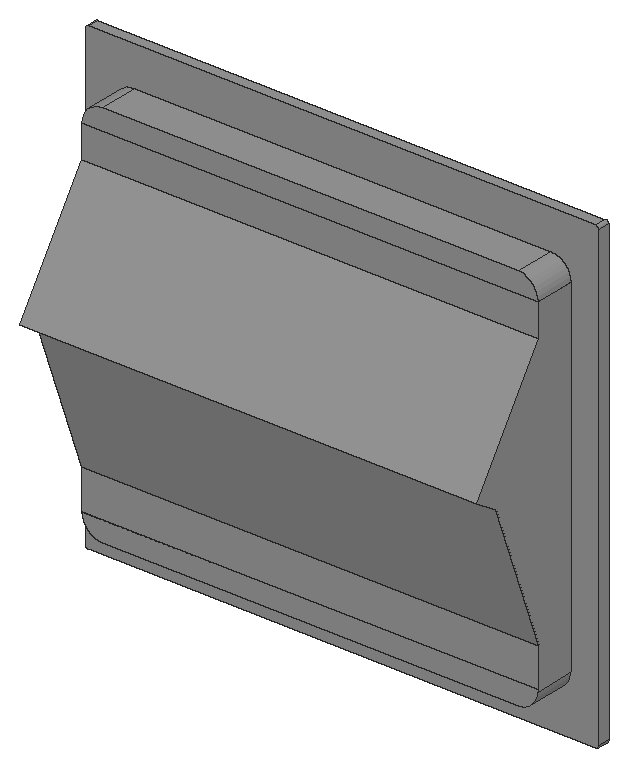
Revit family "L&L_LUCE&LIGHT_PASITO_1.1", category Lighting Fixtures, host Wall, Revit 2018 (continued)
Types (2, lengths in mm): name | built-in parameter 1150142 | Photometric Web File
    1 0.39 0.37 0.36 0.34 \r\n0.33 0.31 0.29 0.28 0.26 0.25 0.24 0.22 0.21 0.20 0.18 \r\n0.17 0.16 0.15 0.14 0.13 0.12 0.11 0.10 0.09 0.09 0.08 \r\n0.07 0.07 0.06 0.05 0.05 0.04 0.04 0.03 0.02 0.02 0.01 \r\n0.01 0.01 \r\n0.00 0.00 0.01 0.05 0.11 0.16 0.20 0.28 0.39 0.51 0.66 \r\n0.84 1.04 1.31 1.60 2.20 9.87 36.89 54.28 56.59 59.92 \r\n62.76 65.98 67.52 68.44 68.65 68.46 69.12 70.65 72.16 \r\n73.30 74.16 75.28 76.84 78.34 79.78 80.96 82.48 84.20 \r\n85.76 87.45 89.03 90.57 92.21 93.69 94.87 95.99 96.97 \r\n97.48 97.57 97.86 98.48 99.16 99.74 100.36 101.05 101.76 \r\n102.46 103.09 103.62 104.16 104.62 105.03 105.62 106.24 \r\n106.83 107.54 108.04 108.27 108.50 108.79 109.18 109.49 \r\n108.57 104.62 96.11 83.56 68.64 52.98 37.56 23.62 12.83 \r\n6.02 4.08 3.51 3.12 3.00 2.89 2.75 2.65 2.59 2.51 2.41 \r\n2.32 2.23 2.15 2.07 1.98 1.90 1.83 1.77 1.72 1.68 1.64 \r\n1.59 1.53 1.46 1.40 1.34 1.29 1.24 1.19 1.14 1.10 1.06 \r\n1.03 1.01 0.98 0.95 0.92 0.90 0.87 0.84 0.81 0.79 0.76 \r\n0.73 0.71 0.69 0.66 0.64 0.62 0.59 0.57 0.55 0.53 0.51 \r\n0.49 0.47 0.45 0.44 0.42 0.40 0.38 0.37 0.35 0.34 0.32 \r\n0.31 0.29 0.27 0.26 0.25 0.23 0.22 0.20 0.19 0.18 0.17 \r\n0.15 0.14 0.14 0.13 0.12 0.11 0.10 0.09 0.09 0.08 0.07 \r\n0.07 0.06 0.05 0.04 0.04 0.03 0.02 0.02 0.01 0.01 0.01 \r\n0.00 0.00 0.02 0.05 0.12 0.17 0.22 0.31 0.43 0.56 0.74 \r\n0.93 1.15 1.48 1.95 6.50 28.18 51.68 55.33 58.52 61.00 \r\n64.04 65.44 66.12 65.93 65.45 66.04 67.42 68.76 69.70 \r\n70.46 71.62 72.82 73.97 75.15 76.39 77.82 79.25 80.96 \r\n82.83 84.52 86.17 87.79 89.12 90.28 91.56 92.55 92.99 \r\n93.14 93.44 93.73 93.78 93.95 94.38 94.86 95.15 95.37 \r\n95.57 95.72 95.80 96.01 96.29 96.49 96.70 96.97 97.36 \r\n97.80 98.08 98.26 98.45 98.63 98.60 97.93 96.33 90.76 \r\n80.14 66.92 52.88 38.67 24.96 13.67 6.35 4.29 3.39 2.96 \r\n2.85 2.73 2.64 2.57 2.49 2.41 2.32 2.25 2.17 2.10 2.03 \r\n1.96 1.88 1.81 1.76 1.73 1.69 1.64 1.57 1.51 1.45 1.39 \r\n1.34 1.29 1.25 1.21 1.17 1.12 1.08 1.04 1.01 0.99 0.97 \r\n0.94 0.91 0.89 0.86 0.83 0.81 0.78 0.76 0.73 0.71 0.69 \r\n0.66 0.64 0.62 0.60 0.58 0.56 0.54 0.51 0.49 0.47 0.46 \r\n0.44 0.42 0.41 0.39 0.37 0.36 0.34 0.33 0.31 0.30 0.28 \r\n0.26 0.25 0.24 0.22 0.21 0.20 0.19 0.17 0.16 0.15 0.14 \r\n0.14 0.13 0.12 0.11 0.10 0.09 0.08 0.08 0.07 0.06 0.05 \r\n0.05 0.04 0.03 0.03 0.02 0.01 0.01 0.01 \r\n0.00 0.00 0.02 0.06 0.13 0.18 0.23 0.34 0.46 0.61 0.80 \r\n1.01 1.30 1.63 3.00 13.84 45.18 53.92 57.10 59.70 62.48 \r\n64.33 64.86 64.48 63.58 63.70 64.76 65.85 66.64 67.29 \r\n68.07 69.14 70.09 71.11 72.08 72.86 73.98 75.45 76.90 \r\n78.41 79.86 81.20 82.65 83.86 84.96 86.01 86.54 86.76 \r\n87.33 87.90 88.33 88.62 88.96 89.28 89.36 89.41 89.65 \r\n89.93 90.16 90.34 90.41 90.50 90.70 90.98 91.23 91.51 \r\n91.92 92.18 92.18 91.85 91.44 91.05 90.09 86.71 78.37 \r\n66.80 54.65 41.68 28.72 17.06 8.33 4.10 3.33 2.83 2.71 \r\n2.63 2.55 2.47 2.40 2.33 2.26 2.20 2.13 2.06 1.99 1.93 \r\n1.86 1.81 1.76 1.73 1.68 1.61 1.54 1.48 1.42 1.38 1.33 \r\n1.29 1.24 1.21 1.17 1.14 1.10 1.06 1.01 0.98 0.96 0.94 \r\n0.92 0.90 0.87 0.84 0.82 0.80 0.77 0.75 0.73 0.70 0.68 \r\n0.66 0.64 0.62 0.59 0.58 0.55 0.53 0.51 0.49 0.47 0.46 \r\n0.44 0.42 0.41 0.39 0.37 0.36 0.34 0.33 0.31 0.30 0.28 \r\n0.27 0.25 0.24 0.23 0.22 0.21 0.20 0.19 0.18 0.17 0.15 \r\n0.14 0.14 0.13 0.12 0.11 0.10 0.09 0.08 0.07 0.06 0.06 \r\n0.05 0.04 0.03 0.03 0.02 0.01 0.01 0.01 \r\n0.00 0.00 0.02 0.06 0.14 0.18 0.24 0.36 0.48 0.65 0.85 \r\n1.08 1.41 1.80 5.15 25.18 50.03 55.44 58.51 61.06 63.59 \r\n64.57 64.28 63.23 62.52 63.09 63.83 64.42 64.95 65.39 \r\n66.22 66.99 67.69 68.32 68.74 69.29 70.44 71.55 72.51 \r\n73.40 74.27 75.26 76.08 76.77 77.41 77.88 77.79 77.91 \r\n78.17 78.49 78.81 79.27 79.81 80.11 80.23 80.40 80.66 \r\n80.84 81.07 81.29 81.52 81.72 81.78 81.98 82.26 82.49 \r\n82.80 83.11 83.16 82.92 82.38 81.91 80.67 76.05 67.14 \r\n56.68 45.90 33.98 22.33 12.01 5.28 3.27 2.88 2.65 2.56 \r\n2.47 2.41 2.34 2.27 2.21 2.15 2.09 2.03 1.96 1.90 1.85 \r\n1.79 1.75 1.72 1.66 1.57 1.50 1.45 1.41 1.36 1.32 1.28 \r\n1.24 1.21 1.18 1.15 1.12 1.08 1.03 0.98 0.96 0.94 0.91 \r\n0.90 0.88 0.85 0.83 0.80 0.78 0.76 0.74 0.72 0.69 0.67 \r\n0.65 0.62 0.61 0.59 0.56 0.55 0.53 0.51 0.49 0.47 0.46 \r\n0.44 0.42 0.41 0.39 0.38 0.36 0.35 0.33 0.32 0.31 0.29 \r\n0.28 0.27 0.26 0.24 0.23 0.22 0.21 0.20 0.19 0.18 0.16 \r\n0.15 0.14 0.13 0.12 0.11 0.10 0.09 0.08 0.07 0.07 0.06 \r\n0.05 0.04 0.03 0.03 0.02 0.01 0.01 0.01 \r\n0.00 0.00 0.02 0.06 0.14 0.18 0.25 0.37 0.50 0.67 0.88 \r\n1.12 1.41 1.89 6.74 31.56 51.69 57.05 59.62 62.35 64.54 \r\n65.00 64.23 62.91 62.57 63.06 63.45 63.86 64.20 64.53 \r\n65.06 65.50 65.72 65.94 65.92 66.26 67.13 67.52 68.01 \r\n68.43 68.88 69.29 69.37 69.46 69.58 69.07 68.62 68.11 \r\n67.85 67.70 67.50 67.37 67.24 67.10 67.00 66.93 66.87 \r\n67.12 67.47 67.57 67.67 67.73 67.87 68.24 68.64 69.09 \r\n69.65 70.04 70.35 70.42 70.34 70.07 69.36 64.61 56.07 \r\n46.93 37.41 27.14 17.25 8.83 4.03 2.95 2.62 2.52 2.44 \r\n2.37 2.30 2.24 2.17 2.12 2.06 2.00 1.94 1.88 1.83 1.78 \r\n1.73 1.69 1.62 1.54 1.48 1.44 1.39 1.35 1.31 1.26 1.23 \r\n1.20 1.17 1.14 1.11 1.08 1.05 1.01 0.96 0.93 0.91 0.89 \r\n0.87 0.86 0.84 0.81 0.79 0.77 0.75 0.73 0.71 0.69 0.67 \r\n0.65 0.63 0.61 0.60 0.57 0.55 0.54 0.52 0.50 0.48 0.47 \r\n0.45 0.44 0.42 0.41 0.39 0.38 0.36 0.35 0.34 0.33 0.31 \r\n0.30 0.28 0.27 0.26 0.24 0.23 0.22 0.21 0.19 0.18 0.17 \r\n0.16 0.15 0.14 0.12 0.11 0.10 0.09 0.08 0.08 0.07 0.06 \r\n0.05 0.04 0.03 0.03 0.02 0.01 0.01 0.01 \r\n0.00 0.00 0.02 0.06 0.15 0.18 0.25 0.38 0.50 0.68 0.90 \r\n1.14 1.40 1.91 5.98 33.69 53.31 58.15 60.59 63.40 65.57 \r\n65.79 64.89 63.43 63.37 63.75 64.10 64.53 64.72 64.86 \r\n65.21 65.47 65.28 65.30 64.63 64.86 65.01 64.93 64.88 \r\n64.84 64.86 64.54 63.85 63.35 62.86 61.69 60.63 59.81 \r\n59.07 58.46 57.74 57.11 56.74 56.12 55.47 55.02 54.65 \r\n54.33 54.06 53.77 53.56 53.50 53.56 53.86 54.24 54.62 \r\n54.98 55.18 55.33 55.43 55.42 55.24 54.29 50.35 43.74 \r\n36.32 28.73 20.61 13.24 6.68 3.63 2.89 2.59 2.51 2.43 \r\n2.36 2.29 2.22 2.16 2.11 2.05 1.99 1.94 1.88 1.83 1.78 \r\n1.74 1.70 1.62 1.54 1.49 1.44 1.40 1.36 1.32 1.28 1.25 \r\n1.22 1.19 1.16 1.13 1.10 1.07 1.03 0.99 0.96 0.94 0.92 \r\n0.90 0.89 0.87 0.84 0.82 0.80 0.78 0.76 0.74 0.72 0.70 \r\n0.68 0.66 0.64 0.62 0.60 0.58 0.56 0.54 0.53 0.51 0.49 \r\n0.48 0.46 0.44 0.43 0.41 0.40 0.38 0.37 0.35 0.34 0.32 \r\n0.31 0.29 0.28 0.26 0.25 0.24 0.22 0.21 0.20 0.19 0.17 \r\n0.16 0.15 0.14 0.13 0.11 0.11 0.10 0.09 0.08 0.07 0.06 \r\n0.05 0.04 0.03 0.03 0.02 0.01 0.01 0.01 \r\n0.00 0.00 0.02 0.06 0.15 0.18 0.25 0.38 0.50 0.68 0.90 \r\n1.14 1.38 1.87 3.77 31.86 54.37 58.82 61.30 64.13 66.61 \r\n66.92 66.08 64.45 64.45 64.91 65.37 65.90 66.00 65.99 \r\n66.35 66.72 66.22 66.11 65.07 64.95 64.89 64.47 64.01 \r\n63.44 63.00 62.43 61.49 60.68 60.00 58.51 57.19 56.09 \r\n55.10 54.44 53.55 52.84 52.39 51.57 50.96 50.36 49.86 \r\n49.58 49.31 48.90 48.69 48.41 48.07 47.95 48.09 48.10 \r\n48.26 48.37 48.29 48.45 48.52 48.47 48.23 45.95 40.57 \r\n34.07 28.05 20.52 14.10 8.21 4.24 3.11 2.68 2.59 2.52 \r\n2.45 2.39 2.32 2.26 2.20 2.07 2.05 2.00 1.94 1.89 1.84 \r\n1.80 1.75 1.65 1.59 1.53 1.48 1.43 1.38 1.34 1.31 1.28 \r\n1.25 1.22 1.18 1.15 1.12 1.09 1.06 1.01 0.98 0.96 0.94 \r\n0.92 0.91 0.89 0.86 0.84 0.82 0.80 0.77 0.76 0.73 0.71 \r\n0.69 0.67 0.65 0.64 0.61 0.59 0.58 0.55 0.54 0.52 0.50 \r\n0.48 0.47 0.45 0.43 0.42 0.40 0.39 0.37 0.36 0.34 0.33 \r\n0.31 0.30 0.28 0.27 0.25 0.24 0.23 0.21 0.20 0.19 0.18 \r\n0.16 0.15 0.14 0.13 0.12 0.11 0.10 0.09 0.08 0.07 0.06 \r\n0.05 0.04 0.03 0.03 0.02 0.01 0.01 0.01 \r\n0.00 0.00 0.02 0.06 0.15 0.18 0.25 0.38 0.50 0.68 0.90 \r\n1.14 1.40 1.91 5.98 33.69 53.31 58.15 60.59 63.40 65.57 \r\n65.79 64.89 63.43 63.37 63.75 64.10 64.53 64.72 64.86 \r\n65.21 65.47 65.28 65.30 64.63 64.86 65.01 64.93 64.88 \r\n64.84 64.86 64.54 63.85 63.35 62.86 61.69 60.63 59.81 \r\n59.07 58.46 57.74 57.11 56.74 56.12 55.47 55.02 54.65 \r\n54.33 54.06 53.77 53.56 53.50 53.56 53.86 54.24 54.62 \r\n54.98 55.18 55.33 55.43 55.42 55.24 54.29 50.35 43.74 \r\n36.32 28.73 20.61 13.24 6.68 3.63 2.89 2.59 2.51 2.43 \r\n2.36 2.29 2.22 2.16 2.11 2.05 1.99 1.94 1.88 1.83 1.78 \r\n1.74 1.70 1.62 1.54 1.49 1.44 1.40 1.36 1.32 1.28 1.25 \r\n1.22 1.19 1.16 1.13 1.10 1.07 1.03 0.99 0.96 0.94 0.92 \r\n0.90 0.89 0.87 0.84 0.82 0.80 0.78 0.76 0.74 0.72 0.70 \r\n0.68 0.66 0.64 0.62 0.60 0.58 0.56 0.54 0.53 0.51 0.49 \r\n0.48 0.46 0.44 0.43 0.41 0.40 0.38 0.37 0.35 0.34 0.32 \r\n0.31 0.29 0.28 0.26 0.25 0.24 0.22 0.21 0.20 0.19 0.17 \r\n0.16 0.15 0.14 0.13 0.11 0.11 0.10 0.09 0.08 0.07 0.06 \r\n0.05 0.04 0.03 0.03 0.02 0.01 0.01 0.01 \r\n0.00 0.00 0.02 0.06 0.14 0.18 0.25 0.37 0.50 0.67 0.88 \r\n1.12 1.41 1.89 6.74 31.56 51.69 57.05 59.62 62.35 64.54 \r\n65.00 64.23 62.91 62.57 63.06 63.45 63.86 64.20 64.53 \r\n65.06 65.50 65.72 65.94 65.92 66.26 67.13 67.52 68.01 \r\n68.43 68.88 69.29 69.37 69.46 69.58 69.07 68.62 68.11 \r\n67.85 67.70 67.50 67.37 67.24 67.10 67.00 66.93 66.87 \r\n67.12 67.47 67.57 67.67 67.73 67.87 68.24 68.64 69.09 \r\n69.65 70.04 70.35 70.42 70.34 70.07 69.36 64.61 56.07 \r\n46.93 37.41 27.14 17.25 8.83 4.03 2.95 2.62 2.52 2.44 \r\n2.37 2.30 2.24 2.17 2.12 2.06 2.00 1.94 1.88 1.83 1.78 \r\n1.73 1.69 1.62 1.54 1.48 1.44 1.39 1.35 1.31 1.26 1.23 \r\n1.20 1.17 1.14 1.11 1.08 1.05 1.01 0.96 0.93 0.91 0.89 \r\n0.87 0.86 0.84 0.81 0.79 0.77 0.75 0.73 0.71 0.69 0.67 \r\n0.65 0.63 0.61 0.60 0.57 0.55 0.54 0.52 0.50 0.48 0.47 \r\n0.45 0.44 0.42 0.41 0.39 0.38 0.36 0.35 0.34 0.33 0.31 \r\n0.30 0.28 0.27 0.26 0.24 0.23 0.22 0.21 0.19 0.18 0.17 \r\n0.16 0.15 0.14 0.12 0.11 0.10 0.09 0.08 0.08 0.07 0.06 \r\n0.05 0.04 0.03 0.03 0.02 0.01 0.01 0.01 \r\n0.00 0.00 0.02 0.06 0.14 0.18 0.24 0.36 0.48 0.65 0.85 \r\n1.08 1.41 1.80 5.15 25.18 50.03 55.44 58.51 61.06 63.59 \r\n64.57 64.28 63.23 62.52 63.09 63.83 64.42 64.95 65.39 \r\n66.22 66.99 67.69 68.32 68.74 69.29 70.44 71.55 72.51 \r\n73.40 74.27 75.26 76.08 76.77 77.41 77.88 77.79 77.91 \r\n78.17 78.49 78.81 79.27 79.81 80.11 80.23 80.40 80.66 \r\n80.84 81.07 81.29 81.52 81.72 81.78 81.98 82.26 82.49 \r\n82.80 83.11 83.16 82.92 82.38 81.91 80.67 76.05 67.14 \r\n56.68 45.90 33.98 22.33 12.01 5.28 3.27 2.88 2.65 2.56 \r\n2.47 2.41 2.34 2.27 2.21 2.15 2.09 2.03 1.96 1.90 1.85 \r\n1.79 1.75 1.72 1.66 1.57 1.50 1.45 1.41 1.36 1.32 1.28 \r\n1.24 1.21 1.18 1.15 1.12 1.08 1.03 0.98 0.96 0.94 0.91 \r\n0.90 0.88 0.85 0.83 0.80 0.78 0.76 0.74 0.72 0.69 0.67 \r\n0.65 0.62 0.61 0.59 0.56 0.55 0.53 0.51 0.49 0.47 0.46 \r\n0.44 0.42 0.41 0.39 0.38 0.36 0.35 0.33 0.32 0.31 0.29 \r\n0.28 0.27 0.26 0.24 0.23 0.22 0.21 0.20 0.19 0.18 0.16 \r\n0.15 0.14 0.13 0.12 0.11 0.10 0.09 0.08 0.07 0.07 0.06 \r\n0.05 0.04 0.03 0.03 0.02 0.01 0.01 0.01 \r\n0.00 0.00 0.02 0.06 0.13 0.18 0.23 0.34 0.46 0.61 0.80 \r\n1.01 1.30 1.63 3.00 13.84 45.18 53.92 57.10 59.70 62.48 \r\n64.33 64.86 64.48 63.58 63.70 64.76 65.85 66.64 67.29 \r\n68.07 69.14 70.09 71.11 72.08 72.86 73.98 75.45 76.90 \r\n78.41 79.86 81.20 82.65 83.86 84.96 86.01 86.54 86.76 \r\n87.33 87.90 88.33 88.62 88.96 89.28 89.36 89.41 89.65 \r\n89.93 90.16 90.34 90.41 90.50 90.70 90.98 91.23 91.51 \r\n91.92 92.18 92.18 91.85 91.44 91.05 90.09 86.71 78.37 \r\n66.80 54.65 41.68 28.72 17.06 8.33 4.10 3.33 2.83 2.71 \r\n2.63 2.55 2.47 2.40 2.33 2.26 2.20 2.13 2.06 1.99 1.93 \r\n1.86 1.81 1.76 1.73 1.68 1.61 1.54 1.48 1.42 1.38 1.33 \r\n1.29 1.24 1.21 1.17 1.14 1.10 1.06 1.01 0.98 0.96 0.94 \r\n0.92 0.90 0.87 0.84 0.82 0.80 0.77 0.75 0.73 0.70 0.68 \r\n0.66 0.64 0.62 0.59 0.58 0.55 0.53 0.51 0.49 0.47 0.46 \r\n0.44 0.42 0.41 0.39 0.37 0.36 0.34 0.33 0.31 0.30 0.28 \r\n0.27 0.25 0.24 0.23 0.22 0.21 0.20 0.19 0.18 0.17 0.15 \r\n0.14 0.14 0.13 0.12 0.11 0.10 0.09 0.08 0.07 0.06 0.06 \r\n0.05 0.04 0.03 0.03 0.02 0.01 0.01 0.01 \r\n0.00 0.00 0.02 0.05 0.12 0.17 0.22 0.31 0.43 0.56 0.74 \r\n0.93 1.15 1.48 1.95 6.50 28.18 51.68 55.33 58.52 61.00 \r\n64.04 65.44 66.12 65.93 65.45 66.04 67.42 68.76 69.70 \r\n70.46 71.62 72.82 73.97 75.15 76.39 77.82 79.25 80.96 \r\n82.83 84.52 86.17 87.79 89.12 90.28 91.56 92.55 92.99 \r\n93.14 93.44 93.73 93.78 93.95 94.38 94.86 95.15 95.37 \r\n95.57 95.72 95.80 96.01 96.29 96.49 96.70 96.97 97.36 \r\n97.80 98.08 98.26 98.45 98.63 98.60 97.93 96.33 90.76 \r\n80.14 66.92 52.88 38.67 24.96 13.67 6.35 4.29 3.39 2.96 \r\n2.85 2.73 2.64 2.57 2.49 2.41 2.32 2.25 2.17 2.10 2.03 \r\n1.96 1.88 1.81 1.76 1.73 1.69 1.64 1.57 1.51 1.45 1.39 \r\n1.34 1.29 1.25 1.21 1.17 1.12 1.08 1.04 1.01 0.99 0.97 \r\n0.94 0.91 0.89 0.86 0.83 0.81 0.78 0.76 0.73 0.71 0.69 \r\n0.66 0.64 0.62 0.60 0.58 0.56 0.54 0.51 0.49 0.47 0.46 \r\n0.44 0.42 0.41 0.39 0.37 0.36 0.34 0.33 0.31 0.30 0.28 \r\n0.26 0.25 0.24 0.22 0.21 0.20 0.19 0.17 0.16 0.15 0.14 \r\n0.14 0.13 0.12 0.11 0.10 0.09 0.08 0.08 0.07 0.06 0.05 \r\n0.05 0.04 0.03 0.03 0.02 0.01 0.01 0.01 \r\n0.00 0.00 0.01 0.05 0.11 0.16 0.20 0.28 0.39 0.51 0.66 \r\n0.84 1.04 1.31 1.60 2.20 9.87 36.89 54.28 56.59 59.92 \r\n62.76 65.98 67.52 68.44 68.65 68.46 69.12 70.65 72.16 \r\n73.30 74.16 75.28 76.84 78.34 79.78 80.96 82.48 84.20 \r\n85.76 87.45 89.03 90.57 92.21 93.69 94.87 95.99 96.97 \r\n97.48 97.57 97.86 98.48 99.16 99.74 100.36 101.05 101.76 \r\n102.46 103.09 103.62 104.16 104.62 105.03 105.62 106.24 \r\n106.83 107.54 108.04 108.27 108.50 108.79 109.18 109.49 \r\n108.57 104.62 96.11 83.56 68.64 52.98 37.56 23.62 12.83 \r\n6.02 4.08 3.51 3.12 3.00 2.89 2.75 2.65 2.59 2.51 2.41 \r\n2.32 2.23 2.15 2.07 1.98 1.90 1.83 1.77 1.72 1.68 1.64 \r\n1.59 1.53 1.46 1.40 1.34 1.29 1.24 1.19 1.14 1.10 1.06 \r\n1.03 1.01 0.98 0.95 0.92 0.90 0.87 0.84 0.81 0.79 0.76 \r\n0.73 0.71 0.69 0.66 0.64 0.62 0.59 0.57 0.55 0.53 0.51 \r\n0.49 0.47 0.45 0.44 0.42 0.40 0.38 0.37 0.35 0.34 0.32 \r\n0.31 0.29 0.27 0.26 0.25 0.23 0.22 0.20 0.19 0.18 0.17 \r\n0.15 0.14 0.14 0.13 0.12 0.11 0.10 0.09 0.09 0.08 0.07 \r\n0.07 0.06 0.05 0.04 0.04 0.03 0.02 0.02 0.01 0.01 0.01 \r\n0.00 0.00 0.01 0.04 0.10 0.15 0.19 0.25 0.35 0.46 0.59 \r\n0.74 0.92 1.11 1.40 1.74 2.72 11.63 38.71 54.99 58.02 \r\n61.36 64.75 68.16 70.29 71.31 71.97 71.91 72.35 73.87 \r\n75.76 77.24 78.39 79.48 81.02 82.92 84.45 85.71 87.21 \r\n88.94 90.41 92.04 93.82 95.49 97.37 99.27 100.79 102.05 \r\n103.27 104.37 105.19 105.93 106.80 107.75 108.66 109.39 \r\n110.04 110.87 111.72 112.40 113.10 114.02 115.05 116.03 \r\n117.14 118.48 119.74 120.73 121.43 121.90 122.25 122.58 \r\n122.86 123.41 121.80 116.55 106.45 92.12 74.81 56.08 \r\n37.89 22.49 13.46 7.80 4.41 3.68 3.42 3.18 2.98 2.88 2.81 \r\n2.69 2.59 2.49 2.39 2.29 2.19 2.09 2.00 1.91 1.83 1.76 \r\n1.69 1.64 1.60 1.55 1.50 1.45 1.39 1.33 1.26 1.20 1.15 \r\n1.11 1.08 1.05 1.02 0.99 0.96 0.92 0.89 0.87 0.84 0.81 \r\n0.78 0.76 0.73 0.70 0.68 0.65 0.63 0.61 0.59 0.56 0.54 \r\n0.52 0.50 0.48 0.46 0.45 0.43 0.41 0.39 0.37 0.36 0.34 \r\n0.33 0.31 0.29 0.28 0.26 0.25 0.24 0.22 0.21 0.20 0.18 \r\n0.17 0.16 0.15 0.14 0.13 0.12 0.11 0.10 0.09 0.09 0.08 \r\n0.07 0.07 0.06 0.05 0.05 0.04 0.04 0.03 0.02 0.02 0.01 \r\n0.01 0.01 \r\n0.00 0.00 0.01 0.04 0.09 0.14 0.17 0.22 0.30 0.40 0.51 \r\n0.64 0.79 0.97 1.16 1.40 1.76 2.41 12.24 35.30 54.56 \r\n59.27 62.25 65.98 69.72 72.64 74.24 75.23 75.74 76.01 \r\n77.10 79.17 81.31 82.92 84.35 85.74 87.44 89.28 90.78 \r\n92.16 93.93 95.77 97.27 99.08 101.18 103.16 105.29 107.51 \r\n109.36 111.04 112.77 114.36 115.58 116.52 117.67 119.09 \r\n120.40 121.51 122.65 123.96 125.38 126.86 128.38 129.95 \r\n131.61 133.31 135.01 136.58 137.79 138.51 138.91 139.43 \r\n140.00 140.29 139.67 136.90 130.50 119.35 103.22 83.79 \r\n63.12 43.18 25.90 12.84 7.24 5.75 4.43 3.46 3.31 3.15 \r\n3.00 2.73 2.64 2.60 2.54 2.42 2.30 2.18 2.07 1.98 1.89 \r\n1.81 1.72 1.65 1.59 1.54 1.49 1.43 1.37 1.30 1.24 1.19 \r\n1.15 1.12 1.09 1.06 1.02 0.99 0.95 0.92 0.89 0.86 0.83 \r\n0.80 0.77 0.75 0.72 0.69 0.67 0.64 0.62 0.60 0.57 0.55 \r\n0.53 0.51 0.49 0.47 0.45 0.43 0.41 0.40 0.38 0.36 0.35 \r\n0.33 0.31 0.30 0.28 0.27 0.25 0.24 0.22 0.21 0.20 0.19 \r\n0.17 0.16 0.15 0.14 0.13 0.12 0.11 0.10 0.09 0.09 0.08 \r\n0.07 0.07 0.06 0.06 0.05 0.04 0.04 0.03 0.03 0.02 0.02 \r\n0.01 0.01 0.01 \r\n0.00 0.00 0.01 0.03 0.07 0.13 0.16 0.19 0.25 0.33 0.42 \r\n0.53 0.66 0.80 0.98 1.15 1.38 1.66 2.38 8.40 27.10 49.12 \r\n58.78 62.97 66.09 69.88 73.78 76.68 78.70 80.11 80.66 \r\n81.21 82.71 84.87 86.90 88.72 90.17 91.58 93.33 95.30 \r\n97.08 98.85 101.01 103.28 105.35 107.36 109.70 112.21 \r\n114.85 117.61 120.30 122.80 125.19 127.45 129.33 130.76 \r\n132.17 134.00 136.08 138.07 139.88 141.72 143.78 146.02 \r\n148.27 150.57 152.94 155.27 157.41 159.24 160.89 162.37 \r\n163.79 165.13 165.84 164.55 160.56 151.85 138.14 119.50 \r\n96.38 71.23 47.47 28.70 18.58 11.03 5.85 4.01 3.74 3.47 \r\n3.21 3.06 2.91 2.76 
